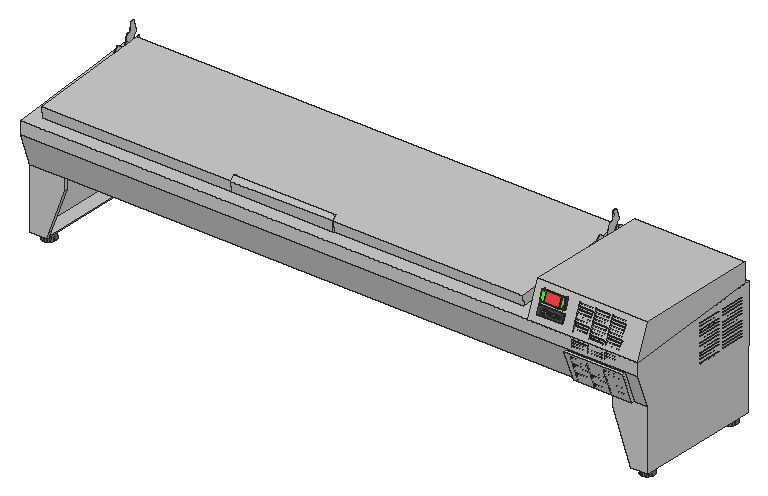
Revit family "QF_MACOM_CAB-3A", category Equipamento especial, Revit 2020 (continued)
Automatic sketch dimensions
  Extrusion 18 sketch curve to Extrusion 18 sketch curve = 241.522 mm
  Extrusion 18 sketch curve to Extrusion 18 sketch curve = 165.707 mm
  radius of Extrusion 19 sketch curve = 9.525 mm
  radius of Extrusion 3 sketch curve = 4.549 mm
  radius of Extrusion 3 sketch curve = 3.299 mm
  radius of Extrusion 4 sketch curve = 4.549 mm
  radius of Extrusion 4 sketch curve = 3.299 mm
Nested families
  nested 1: "CONTROLADOR_CAB" at (-274.525, -730.042, 409.137) x (1, -0.0001, 0) z (0, 0.3641, 0.9314), type "CONTROLADOR_CAB", detail levels fine
  nested 2: "foot" at (-30.497, -365.493, 0.943) x (-0.0001, -1, 0) z (0, 0, 1), type "foot"
  nested 3: "foot" at (-30.521, -680.15, 0.943) x (-0.0001, -1, 0) z (0, 0, 1), type "foot"
  nested 4: "foot" at (-1852.523, -365.492, 0.943) x (-0.0001, -1, 0) z (0, 0, 1), type "foot"
  nested 5: "foot" at (-1852.521, -680.01, 0.943) x (-0.0001, -1, 0) z (0, 0, 1), type "foot"
  nested 6: "LOGOTIPO MACON" at (-274.219, -739.1, 362.124) x (1, -0.0001, 0) z (0, 0.0131, 0.9999), visible <- "Show Logo", type "LOGOTIPO MACON"
Connectors
  electrical at (-65, -355.5, 201.305), driven by "Volts"
    settings: on Extrusion 19, index 1, voltage 220 V, apparent load 0 VA, apparent load phase1 0 VA, apparent load phase2 0 VA, apparent load phase3 0 VA, power factor 1, load classification "Outro", number of poles 1, system type 30, power factor state 1, is connector primary yes, connector utility no, sub classification motor no, connector description ""
Definition of nested family "CONTROLADOR_CAB"
  Parameters (values of type "CONTROLADOR_CAB")
    Default Elevation = 0 mm
  Reference planes
    plane 1 "Center (Front/Back)": y = 0
    plane 2: z = 0
    plane 3 "Center (Left/Right)": x = 0
  Forms (mm)
    Extrusion 1, solid
      sketch origin (0, 0, 0) x (1, 0, 0) y (0, 0, 1)
        loop
          line (37.5, -12.5) -> (37.5, 12.5)
          arc (37.5, 12.5) -> (36.328, 15.328) -> (33.5, 16.5) r 4
          line (33.5, 16.5) -> (-33.5, 16.5)
          arc (-33.5, 16.5) -> (-36.328, 15.328) -> (-37.5, 12.5) r 4
          line (-37.5, 12.5) -> (-37.5, -12.5)
          arc (-37.5, -12.5) -> (-36.328, -15.328) -> (-33.5, -16.5) r 4
          line (-33.5, -16.5) -> (33.5, -16.5)
          arc (33.5, -16.5) -> (36.328, -15.328) -> (37.5, -12.5) r 4
      from 0 to 5
    Extrusion 2, solid
      sketch origin (0, 0, 0) x (1, 0, 0) y (0, 0, 1)
        loop
          line (24, -13.5) -> (24, 13.5)
          arc (24, 13.5) -> (23.121, 15.621) -> (21, 16.5) r 3
          line (21, 16.5) -> (-21, 16.5)
          arc (-21, 16.5) -> (-23.121, 15.621) -> (-24, 13.5) r 3
          line (-24, 13.5) -> (-24, -13.5)
          arc (-24, -13.5) -> (-23.121, -15.621) -> (-21, -16.5) r 3
          line (-21, -16.5) -> (21, -16.5)
          arc (21, -16.5) -> (23.121, -15.621) -> (24, -13.5) r 3
      from 5 to 5.937
    Extrusion 3, solid
      sketch origin (0, 0, 0) x (1, 0, 0) y (0, 0, 1)
        loop
          line (-23, 13) -> (-23, -13) -> (23, -13) -> (23, 13) -> (-23, 13)
      from 5.937 to 6.875
    Extrusion 4, solid
      sketch origin (0, 0, 0) x (1, 0, 0) y (0, 0, 1)
        loop
          line (24, -13) -> (31, -13)
          arc (31, -13) -> (34.646, 0) -> (31, 13) r 25
          line (31, 13) -> (24, 13) -> (24, -13)
        loop
          line (-24, -13) -> (-24, 13) -> (-31, 13)
          arc (-31, 13) -> (-34.646, 0) -> (-31, -13) r 25
          line (-31, -13) -> (-24, -13)
      from 5 to 5.937
  Cuts and joins
    joined: Extrusion 1, Extrusion 2
  Dimensions and locks
    aligned and locked: level to plane 2
Definition of nested family "foot"
  Parameters (values of type "foot")
    Default Elevation = 0 mm
  Reference planes
    plane 1 "Center (Front/Back)": y = 0
    plane 2: z = 0
    plane 3 "Center (Left/Right)": x = 0
  Forms (mm)
    Blend 1, solid
      base sketch origin (0, 0, 0) x (1, 0, 0) y (0, 1, 0)
        loop
          circle (0, 0) r 20
      top sketch origin (0, 0, 0) x (1, 0, 0) y (0, 1, 0)
        loop
          circle (0, 0) r 17
      from 0 to 14
    Extrusion 2, solid
      sketch origin (0, 0, 0) x (1, 0, 0) y (0, 1, 0)
        loop
          circle (0, 0) r 15
      from 14 to 15.992
    Extrusion 3, solid
      sketch origin (0, 0, 0) x (1, 0, 0) y (0, 1, 0)
        loop
          circle (0, 0) r 4
      from 15.992 to 22.636
    Extrusion 4, void
      sketch origin (0, 0, 0) x (1, 0, 0) y (0, 1, 0)
        loop
          circle (4.223, 18.5) r 1.7
        loop
          circle (11.831, 14.836) r 1.7
        loop
          circle (17.097, 8.233) r 1.7
        loop
          circle (18.976, 0) r 1.7
        loop
          circle (17.097, -8.233) r 1.7
        loop
          circle (11.831, -14.836) r 1.7
        loop
          circle (4.223, -18.5) r 1.7
        loop
          circle (-4.223, -18.5) r 1.7
        loop
          circle (-11.831, -14.836) r 1.7
        loop
          circle (-17.097, -8.233) r 1.7
        loop
          circle (-18.976, 0) r 1.7
        loop
          circle (-17.097, 8.233) r 1.7
        loop
          circle (-11.831, 14.836) r 1.7
        loop
          circle (-4.223, 18.5) r 1.7
      from 0 to 250
    Extrusion 5, solid
      sketch origin (0, 0, 0) x (1, 0, 0) y (0, 1, 0)
        loop
          circle (0, 0) r 18.5
      from -0.943 to 0
  Cuts and joins
    Extrusion 4 cuts Blend 1
    joined: Blend 1, Extrusion 2, Extrusion 5
  Dimensions and locks
    aligned and locked: level to plane 2
Definition of nested family "LOGOTIPO MACON"
  Parameters (values of type "LOGOTIPO MACON")
    Default Elevation = 0 mm
  Reference planes
    plane 1 "Centro (Frente/Trás)": y = 0
    plane 2: z = 0
    plane 3 "Centro (Esquerda/Direita)": x = 0
  Forms (mm)
    Extrusion 1, solid
      sketch origin (0, -4.923, -1.189) x (1, 0, 0) y (0, 0.351842, 0.93606)
        loop
          arc (-37.5, 25.9) -> (-39.268, 25.168) -> (-40, 23.4) r 2.5
          line (-40, 23.4) -> (-40, 2.5)
          arc (-40, 2.5) -> (-39.268, 0.732) -> (-37.5, 0) r 2.5
          line (-37.5, 0) -> (37.5, 0)
          arc (37.5, 0) -> (39.268, 0.732) -> (40, 2.5) r 2.5
          line (40, 2.5) -> (40, 23.4)
          arc (40, 23.4) -> (39.268, 25.168) -> (37.5, 25.9) r 2.5
          line (37.5, 25.9) -> (-37.5, 25.9)
      from 5.474 to 4.489
    Extrusion 2, solid
      sketch origin (0, -4.923, -1.189) x (1, 0, 0) y (0, 0.351842, 0.93606)
        loop
          arc (-39, 3.5) -> (-38.268, 1.732) -> (-36.5, 1) r 2.5
          line (-36.5, 1) -> (36.5, 1)
          arc (36.5, 1) -> (38.268, 1.732) -> (39, 3.5) r 2.5
          line (39, 3.5) -> (39, 22.668)
          arc (39, 22.668) -> (38.268, 24.436) -> (36.5, 25.168) r 2.5
          line (36.5, 25.168) -> (-36.5, 25.168)
          arc (-36.5, 25.168) -> (-38.268, 24.436) -> (-39, 22.668) r 2.5
          line (-39, 22.668) -> (-39, 3.5)
      from 5.474 to 6.289
    Extrusion 3, solid
      sketch origin (24.652, -4.923, -1.189) x (-1, 0, 0) y (0, -0.351842, -0.93606)
        loop
          line (11.282, -9.291) -> (11.282, -10.615)
          arc (11.282, -10.615) -> (15.871, -12.733) -> (11.146, -14.527) r 2.741
          line (11.146, -14.527) -> (11.146, -15.974)
          arc (11.146, -15.974) -> (17.58, -12.762) -> (11.282, -9.291) r 4.061
        loop
          circle (6.809, -12.319) r 3.69
        loop
          circle (6.809, -12.319) r 2.22
        loop
          line (32.238, -16.286) -> (32.238, -9.175) -> (30.639, -9.175) -> (30.639, -14.32)
          arc (30.639, -14.32) -> (30.147, -14.812) -> (29.656, -14.32) r 0.492
          line (29.656, -14.32) -> (29.656, -9.175) -> (28.069, -9.175) -> (28.069, -14.32)
          arc (28.069, -14.32) -> (27.53, -14.859) -> (26.99, -14.32) r 0.539
          line (26.99, -14.32) -> (26.99, -9.175) -> (25.446, -9.175) -> (25.446, -14.741)
          arc (25.446, -14.741) -> (25.898, -15.834) -> (26.99, -16.286) r 1.545
          line (26.99, -16.286) -> (32.238, -16.286)
        loop
          line (23.94, -9.173) -> (22.031, -9.173) -> (22.031, -11.199) -> (20.21, -11.199) -> (20.21, -9.173) -> (18.544, -9.173) -> (18.544, -14.832)
          arc (18.544, -14.832) -> (18.942, -15.792) -> (19.902, -16.189) r 1.358
          line (19.902, -16.189) -> (23.94, -16.189) -> (23.94, -9.173)
        loop
          line (20.21, -12.773) -> (20.21, -14.531) -> (22.031, -14.531) -> (22.031, -12.773) -> (20.21, -12.773)
        loop
          line (1.892, -16.286) -> (1.892, -9.175) -> (0.292, -9.175) -> (0.292, -14.32)
          arc (0.292, -14.32) -> (-0.199, -14.812) -> (-0.691, -14.32) r 0.492
          line (-0.691, -14.32) -> (-0.691, -9.175) -> (-2.278, -9.175) -> (-2.278, -14.32)
          arc (-2.278, -14.32) -> (-2.817, -14.859) -> (-3.356, -14.32) r 0.539
          line (-3.356, -14.32) -> (-3.356, -9.175) -> (-4.901, -9.175) -> (-4.901, -14.741)
          arc (-4.901, -14.741) -> (-4.449, -15.834) -> (-3.356, -16.286) r 1.545
          line (-3.356, -16.286) -> (1.892, -16.286)
        loop
          line (51.28, -9.173) -> (49.828, -17.406)
          arc (49.828, -17.406) -> (53.465, -13.803) -> (51.28, -9.173) r 4.434
        loop
          arc (48.733, -7.616) -> (47.997, -7.316) -> (47.203, -7.346) r 1.888
          line (47.203, -7.346) -> (45.757, -15.549)
          arc (45.757, -15.549) -> (46.402, -15.886) -> (47.047, -15.549) r 0.786
          line (47.047, -15.549) -> (48.733, -7.616)
        loop
          arc (44.32, -6.837) -> (43.579, -6.926) -> (42.893, -7.22) r 2.628
          line (42.893, -7.22) -> (41.1, -15.655)
          arc (41.1, -15.655) -> (41.933, -16) -> (42.765, -15.655) r 1.178
          line (42.765, -15.655) -> (44.32, -6.837)
        loop
          arc (39.538, -8.212) -> (36.053, -11.76) -> (38.114, -16.286) r 4.392
          line (38.114, -16.286) -> (39.538, -8.212)
        loop
          spline (55.059, -12.773) -> (54.705, -11.079) -> (53.667, -9.501) -> (52.017, -8.146) -> (49.866, -7.106) -> (47.361, -6.452) -> (44.673, -6.229) -> (41.985, -6.452) -> (39.48, -7.106) -> (37.329, -8.146) -> (35.678, -9.501) -> (34.641, -11.079) -> (34.287, -12.773)
          spline (34.287, -12.773) -> (34.641, -14.466) -> (35.678, -16.045) -> (37.329, -17.4) -> (39.48, -18.44) -> (41.985, -19.094) -> (44.673, -19.317) -> (47.361, -19.094) -> (49.866, -18.44) -> (52.017, -17.4) -> (53.667, -16.045) -> (54.705, -14.466) -> (55.059, -12.773)
      from 6.289 to 6.977
  Dimensions and locks
    aligned and locked: level to plane 2
